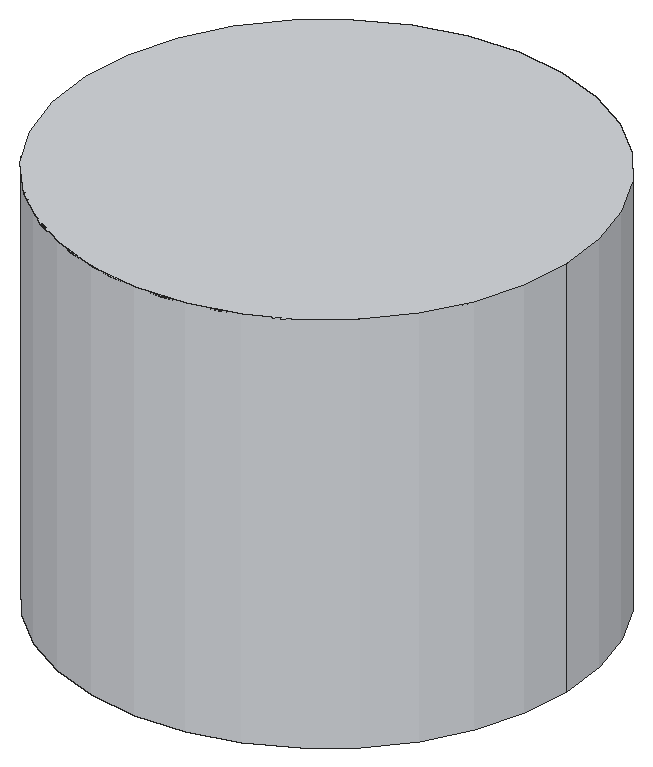
Revit family "AVLN_Отверстие в плите круглое", category Обобщенные модели, Revit 2019
Family settings
  Может служить основой для арматурных стержней = Нет
  Размер круглого соединителя = Использовать диаметр
  Тип детали = Нормальный
  На основе рабочей плоскости = Нет
  Всегда вертикально = Да
  При загрузке вырезать с полостями = Да
  Общий = Нет
  Точка расчета площади = Нет
Parameters (values of type "ЭОМ")
  Толщина [instance] = 200 mm
  Согласовано [instance] = no
  Обобщённая модель [instance] = not(Согласовано)  # yes
  Линия сек. диапзона (вверх) [instance] = 720 mm
  Диаметр [instance] = 250 mm
  ADSK_Размер_Толщина [instance] = Толщина  # 200 mm
  ADSK_Размер_Диаметр [instance] = Диаметр  # 250 mm
  ADSK_Обозначение системы [instance] = "ЭОМ"
  ADSK_Комментарии [instance] = "Отверстие"  # constant formula
  ---Параметры для спецификации--- [instance] = " "  # constant formula
  -----РАЗМЕРЫ------ [instance] = " "  # constant formula
Types (4, lengths in mm): name | Толщина | Согласовано | Обобщённая модель | Диаметр | ADSK_Размер_Толщина | ADSK_Размер_Диаметр | ADSK_Обозначение системы
  СС | 180 | yes | no | 520 | 180 | 520 | "СС"
  ЭОМ | 200 | no | yes | 250 | 200 | 250 | "ЭОМ"
  ВК | 180 | yes | no | 520 | 180 | 520 | "ВК"
  ОВ | 180 | yes | no | 520 | 180 | 520 | "ОВ"
Reference planes
  plane 1 "По центру (Вперед/Назад)": y = 0
  plane 2: z = 0
  plane 3 "По центру (Влево/Вправо)": x = 0
  plane 4: z = -200
Forms (mm)
  Extrusion 1, solid, visible <- "Обобщённая модель"
    sketch origin (0, 0, 0) x (1, 0, 0) y (0, 1, 0)
      loop
        circle (0, 0) r 125
    from -200 to 0
  Extrusion 2, void
    sketch origin (140.722, 14.659, 0) x (1, 0, 0) y (0, 1, 0)
      loop
        circle (-140.722, -14.659) r 125
    from -200 to 0
Dimensions and locks
  "Толщина": plane 2 to plane 4
  "Толщина": Extrusion 1 to plane 2
  "Толщина": Extrusion 2 to plane 2
  "Диаметр": diameter of Extrusion 1 sketch curve
  "Диаметр": diameter of Extrusion 2 sketch curve
  aligned and locked: level to plane 2
  aligned and locked: Extrusion 1 to plane 4
  aligned and locked: Extrusion 2 to plane 4
Automatic sketch dimensions
  plane 1 "По центру (Вперед/Назад)" to Extrusion 1 sketch curve = 0 mm
  Extrusion 1 sketch curve to plane 3 "По центру (Влево/Вправо)" = 0 mm
  plane 1 "По центру (Вперед/Назад)" to Extrusion 2 sketch curve = 0 mm
  Extrusion 2 sketch curve to plane 3 "По центру (Влево/Вправо)" = 0 mm
Nested families
  nested 1: "УГО" at (0, 0, 0), Диаметр <- "Диаметр", type "УГО"
    with Диаметр 250 mm
Definition of nested family "УГО"
  Parameters (values of type "Семейство1")
    Диаметр [instance] = 300 mm
  Reference planes
    plane 1 "По центру (Вперед/Назад)": y = 0
    plane 2: z = 0
    plane 3 "По центру (Влево/Вправо)": x = 0
  Lines and regions (mm)
    Filled region 1, type "Сплошная заливка - Белый", in view "Опорный уровень"
      outline origin (0, 0, 0) x (1, 0, 0) y (0, 1, 0)
        loop
          circle (0, 0) r 150
    Filled region 2, type "Сплошная заливка - Черный", in view "Опорный уровень"
      outline origin (0, 0, 0) x (1, 0, 0) y (0, 1, 0)
        loop
          arc (-150, 0) -> (0, -150) -> (150, 0) r 150
          arc (150, 0) -> (0, -79.516) -> (-150, 0) r 181.238
  Dimensions and locks
    "Диаметр": diameter of Filled region 1 sketch curve
    "Диаметр": diameter of Filled region 2 sketch curve
  Automatic sketch dimensions
    plane 1 "По центру (Вперед/Назад)" to Filled region 1 sketch curve = 0 mm
    Filled region 1 sketch curve to plane 3 "По центру (Влево/Вправо)" = 0 mm
    plane 1 "По центру (Вперед/Назад)" to Filled region 2 sketch curve = 0 mm
    Filled region 2 sketch curve to plane 3 "По центру (Влево/Вправо)" = 0 mm
    Filled region 2 sketch curve to plane 1 "По центру (Вперед/Назад)" = 101.722 mm
